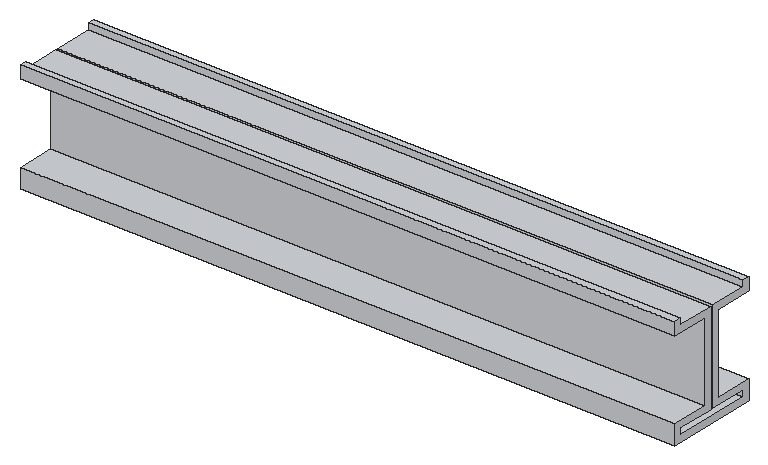
Revit family "gIns_Frame-ver4.0", category Structural Framing, Revit 2022
Family settings
  Section Shape = Not Defined
  Material for Model Behavior = Other
  Always export as geometry = No
  OmniClass Number = 23.25.30.11.14.14
  OmniClass Title = Beams
  Always vertical = Yes
  Cut with Voids When Loaded = No
  Symbolic Representation = From Family
  Shared = No
  Show family pre-cut in plan views = Yes
Parameters (values of type "Default")
  耐火被覆t [instance] = 25 mm
  天端用Void下端 [instance] = H / 2 + if(合成耐火上, 0 mm, 耐火被覆t)  # 200 mm
  外壁との離隔_W方向 [instance] = 200 mm
  外壁との離隔_D方向 [instance] = 0 mm
  合成耐火左 [instance] = no
  合成耐火右 [instance] = no
  合成耐火上 [instance] = yes
  ロ_type [instance] = not(H_type)  # no
  マテリアル_本体_ = none
  ウェブ左_被覆t [instance] = if(合成耐火左, 0 mm, tw / 2 + 耐火被覆t)  # 31 mm
  ウェブ右_被覆t [instance] = if(合成耐火右, 0 mm, tw / 2 + 耐火被覆t)  # 31 mm
  tw [instance] = 12 mm
  tf [instance] = 24 mm
  p_abs [instance] = abs(Start_Level_Offset - End_Level_Offset)  # 0 mm
  calc_ウェブ左_被覆t [instance] = if(or(H_type, 合成耐火左), ウェブ左_被覆t, B / 2 + 耐火被覆t + 10 mm)  # 31 mm
  calc_ウェブ右_被覆t [instance] = if(or(H_type, 合成耐火右), ウェブ右_被覆t, B / 2 + 耐火被覆t + 10 mm)  # 31 mm
  calc_tw [instance] = if(H_type, tw, B)  # 12 mm
  calc_tf [instance] = if(H_type, tf, 2 * tf)  # 24 mm
  calc_extend_right [instance] = if(Start_Level_Offset - End_Level_Offset < 0 mm, 0 mm, Extend_Right)  # 0 mm
  calc_extend_left [instance] = if(Start_Level_Offset - End_Level_Offset > 0 mm, 0 mm, Extend_Left)  # 0 mm
  W左_被覆t [instance] = if(合成耐火左, 0 mm, 耐火被覆t)  # 25 mm
  W左 [instance] = if(合成耐火左, B / 2 + 外壁との離隔_W方向, B / 2)  # 150 mm
  W右_被覆t [instance] = if(合成耐火右, 0 mm, 耐火被覆t)  # 25 mm
  W右 [instance] = if(合成耐火右, B / 2 + 外壁との離隔_W方向, B / 2)  # 150 mm
  W下 [instance] = H / 2 + 耐火被覆t  # 225 mm
  W上 [instance] = if(合成耐火上, H / 2 + 外壁との離隔_D方向, H / 2 + 耐火被覆t)  # 200 mm
  Void左H [instance] = H / 2 - if(合成耐火左, 0 mm, calc_tf + 耐火被覆t)  # 151 mm
  Void右H [instance] = H / 2 - if(合成耐火右, 0 mm, calc_tf + 耐火被覆t)  # 151 mm
  Start_Level_Offset [instance] = 0 mm
  Length [instance] = 3000 mm
  H_type [instance] = yes
  H [instance] = 400 mm
  Extend_Right [instance] = if(p_abs = 0 mm, 0 mm, ((H + 2 * 耐火被覆t + 外壁との離隔_D方向) * p_abs / Cut_Length))  # 0 mm
  Extend_Left [instance] = if(p_abs = 0 mm, 0 mm, ((H + 2 * 耐火被覆t + 外壁との離隔_D方向) * p_abs / Cut_Length))  # 0 mm
  End_Level_Offset [instance] = 0 mm
  Cut_Length [instance] = 3000 mm
  B [instance] = 300 mm
Types (2): name
  Default
  Type 1
Reference planes
  plane 1 "Center (Front/Back)": y = 0
  plane 2 "Center Elevation": z = 0
  plane 3 "Center (Left/Right)": x = 0
  plane 4 "Left": x = -1500
  plane 5 "Member Left": x = -1250
  plane 6 "Stick Symbol Left": x = -1000
  plane 7 "Right": x = 1500
  plane 8 "Member Right": x = 1250
  plane 9 "Stick Symbol Right": x = 1000
  plane 10 "上内側": z = 0
  plane 11 "左内側": y = 150
  plane 12 "左 外側": y = 175
  plane 13 "右内側": y = -150
  plane 14 "右 外側": y = -175
  plane 15 "下 外側": z = -425
  plane 16 "上外側": z = 0
  plane 17 "下内側": z = -400
  plane 18: y = 6
  plane 19: z = -24
  plane 20: z = -376
  plane 21: y = -6
  plane 22: z = -24
  plane 23: z = -376
  plane 24: x = -1250
  plane 25: x = 1250
  plane 26: z = -200
Forms (mm)
  Sweep 1, void
    path origin (0, 0, 0) x (1, 0, 0) y (0, 1, 0)
      loop
        line (-1250, 0) -> (1250, 0)
    profile origin (0, 0, 0) x (0, 1, 0) y (0, 0, 1)
      loop
        line (150, 0) -> (-150, 0) -> (-150, -24) -> (-6, -24) -> (-6, -376) -> (-150, -376) -> (-150, -400) -> (150, -400) -> (150, -376) -> (6, -376) -> (6, -24) -> (150, -24) -> (150, 0)
  Sweep 2, solid, material <- "マテリアル_本体_"
    path origin (0, 0, 0) x (1, 0, 0) y (0, 1, 0)
      loop
        line (-1250, 0) -> (1250, 0)
    profile origin (0, 0, 0) x (0, 1, 0) y (0, 0, 1)
      loop
        line (175, 0) -> (-175, 0) -> (-175, -425) -> (175, -425) -> (175, 0)
  Sweep 3, void
    path origin (0, 0, 0) x (1, 0, 0) y (0, 1, 0)
      loop
        line (-1250, 0) -> (1250, 0)
    profile origin (0, 0, 0) x (0, 1, 0) y (0, 0, 1)
      loop
        line (175, -49) -> (31, -49) -> (31, -351) -> (175, -351) -> (175, -49)
  Sweep 4, void
    path origin (0, 0, 0) x (1, 0, 0) y (0, 1, 0)
      loop
        line (-1250, 0) -> (1250, 0)
    profile origin (0, 0, 0) x (0, 1, 0) y (0, 0, 1)
      loop
        line (-175, -49) -> (-175, -351) -> (-31, -351) -> (-31, -49) -> (-175, -49)
  Sweep 5, void
    path origin (0, 0, 0) x (1, 0, 0) y (0, 1, 0)
      loop
        line (-1250, 0) -> (1250, 0)
    profile origin (0, 0, 0) x (0, 1, 0) y (0, 0, 1)
      loop
        line (150, 0) -> (150, 100) -> (-150, 100) -> (-150, 0) -> (150, 0)
Cuts and joins
  Sweep 1, Sweep 3, Sweep 4, Sweep 5 cuts Sweep 2
Lines and regions (mm)
  model lines, style "Stick Symbols", detail levels coarse
    curve 1: line (-1000, 0, 0) -> (1000, 0, 0)
Dimensions and locks
  equal spacing: plane 4 "Left", plane 3 "Center (Left/Right)", plane 7 "Right"
  "Length": plane 4 "Left" to plane 7 "Right"
  "W左": plane 11 "左内側" to plane 1 "Center (Front/Back)"
  "W右": plane 1 "Center (Front/Back)" to plane 13 "右内側"
  "W右_被覆t": plane 13 "右内側" to plane 14 "右 外側"
  "W左_被覆t": plane 12 "左 外側" to plane 11 "左内側"
  level to plane 26 to plane 17 "下内側" = 200 mm, 200 mm
  "H": level to plane 17 "下内側"
  equal spacing: plane 18, plane 1 "Center (Front/Back)", plane 21
  "calc_tw": plane 18 to plane 21
  "W上": plane 16 "上外側" to plane 26
  "W下": plane 26 to plane 15 "下 外側"
  "B": Sweep 1 sketch curve to Sweep 1 sketch curve  (x2)
  equal spacing: Sweep 1 sketch curve, plane 1 "Center (Front/Back)", Sweep 1 sketch curve  (x3)
  "H": level to Sweep 1 sketch curve
  equal spacing: Sweep 1 sketch curve, plane 26, level
  "tf": plane 19 to plane 10 "上内側"
  "calc_tf": plane 10 "上内側" to plane 22
  "tf": plane 20 to plane 17 "下内側"
  "calc_tf": plane 17 "下内側" to plane 23
  "Void左H": Sweep 3 sketch curve to plane 26
  "Void左H": plane 26 to Sweep 3 sketch curve
  "calc_ウェブ左_被覆t": Sweep 3 sketch curve to plane 1 "Center (Front/Back)"
  "calc_ウェブ右_被覆t": plane 1 "Center (Front/Back)" to Sweep 4 sketch curve
  "Void右H": Sweep 4 sketch curve to plane 26
  "Void右H": plane 26 to Sweep 4 sketch curve
  locked: Sweep 5 sketch curve to plane 16 "上外側" at 100
  "天端用Void下端": Sweep 5 sketch curve to plane 26
  "calc_extend_left": plane 5 "Member Left" to plane 24
  "calc_extend_right": plane 8 "Member Right" to plane 25
  "耐火被覆t": plane 17 "下内側" to plane 15 "下 外側"
  aligned and locked: plane 1 "Center (Front/Back)" to curve 1
  aligned and locked: plane 6 "Stick Symbol Left" to curve 1
  aligned and locked: plane 9 "Stick Symbol Right" to curve 1
  aligned and locked: level to plane 2 "Center Elevation"
  aligned and locked: plane 22 to Sweep 1 sketch curve  (x2)
  aligned and locked: plane 19 to Sweep 1 sketch curve  (x2)
  aligned and locked: plane 20 to Sweep 1 sketch curve  (x2)
  aligned and locked: Sweep 1 sketch curve to plane 23  (x2)
  aligned and locked: Sweep 1 sketch curve to plane 18
  aligned and locked: Sweep 5 sketch curve to plane 11 "左内側"
  aligned and locked: Sweep 5 sketch curve to plane 13 "右内側"
  aligned and locked: plane 15 "下 外側" to Sweep 2 sketch curve
  aligned and locked: Sweep 2 sketch curve to plane 16 "上外側"
  aligned and locked: plane 14 "右 外側" to Sweep 2 sketch curve
  aligned and locked: plane 12 "左 外側" to Sweep 2 sketch curve
  aligned and locked: plane 12 "左 外側" to Sweep 3 sketch curve
  aligned and locked: Sweep 4 sketch curve to plane 14 "右 外側"
  aligned and locked: level to plane 10 "上内側"
  aligned and locked: plane 24 to Sweep 2 sketch curve
  aligned and locked: plane 25 to Sweep 2 sketch curve
  aligned and locked: plane 25 to Sweep 3 sketch curve
  aligned and locked: plane 24 to Sweep 3 sketch curve
  aligned and locked: plane 24 to Sweep 5 sketch curve
  aligned and locked: plane 25 to Sweep 5 sketch curve
  aligned and locked: plane 25 to Sweep 1 sketch curve
  aligned and locked: plane 24 to Sweep 1 sketch curve
  aligned and locked: plane 24 to Sweep 4 sketch curve
  aligned and locked: plane 25 to Sweep 4 sketch curve
Automatic sketch dimensions
  plane 1 "Center (Front/Back)" to Sweep 1 sketch curve = 0 mm
  plane 1 "Center (Front/Back)" to Sweep 2 sketch curve = 0 mm
  plane 1 "Center (Front/Back)" to Sweep 3 sketch curve = 0 mm
  plane 1 "Center (Front/Back)" to Sweep 4 sketch curve = 0 mm
  plane 1 "Center (Front/Back)" to Sweep 5 sketch curve = 0 mm
  Sweep 1 sketch curve to level = 0 mm
